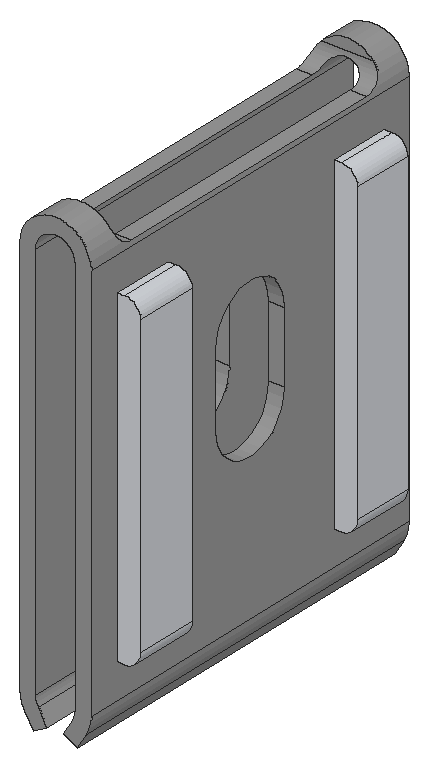
Revit family "wandvefestiger", category Generic Models, Revit 2017
Family settings
  Can host rebar = No
  Round Connector Dimension = Use Diameter
  Part Type = Normal
  Work Plane-Based = No
  Always vertical = Yes
  Cut with Voids When Loaded = No
  Shared = No
  Room Calculation Point = No
Parameters (values of type "K12 1818 A2")
  Width = 50 mm
  URL = "http://www.obo-bettermann.com"
  Material = Stainless steel, A2
  Manufacturer Art.No. = "6016421"
  Manufacturer = "OBO BETTERMANN"
  Length = 0 mm
  GTIN = "4012196013036"
  Article Type = "K12 1818 A2"
Types (4, lengths in mm): name | Material | Manufacturer Art.No. | GTIN | Article Type
  (no name) | Stainless steel, A2 | "6016421" | "4012196013036" | "K12 1818 A2"
  K 12 1818 FS | Strip-galvanised | "6437109" | "4012196208876" | "K 12 1818 FS"
  K12 1818 A2 | Stainless steel, A2 | "6016421" | "4012196013036" | "K12 1818 A2"
  K 12 1818 FSKLGR | Steel | "6479379" | "4012196333370" | "K 12 1818 FSKLGR"
Reference planes
  plane 1 "Center (Front/Back)": y = 0
  plane 2: z = 0
  plane 3 "Center (Left/Right)": x = 0
  plane 4: z = 59
  plane 5: z = 54.5
  plane 6: z = 3.5
  plane 7: x = -4.514
  plane 8: x = 4.486
  plane 9: y = 27.739
  plane 10: y = 48.739
  plane 11: y = 6.739
  plane 12: z = 54.099
  plane 13: z = 59.099
  plane 14: z = 32.49
  plane 15: z = 50.313
  plane 16: z = 8.677
  plane 17: z = 48.313
  plane 18: z = 10.677
  plane 19: y = 10.739
  plane 20: y = 44.739
  plane 21: x = 4.486
  plane 22: x = -4.514
  plane 23: z = 10.678
  plane 24: z = 55.099
Forms (mm)
  Extrusion 1, solid, material "Stainless steel, A2" <- "Material"
    sketch origin (0, 0, 0) x (1, 0, 0) y (0, 0, 1)
      loop
        line (-2.514, 4.17) -> (-2.514, 54.5)
        arc (-2.514, 54.5) -> (-0.014, 57) -> (2.486, 54.5) r 2.5
        line (2.486, 54.5) -> (2.486, 4.17)
        arc (2.486, 4.17) -> (2.401, 3.523) -> (2.151, 2.92) r 2.5
        line (2.151, 2.92) -> (1.043, 1) -> (2.775, 0) -> (3.883, 1.92)
        arc (3.883, 1.92) -> (4.333, 3.005) -> (4.486, 4.17) r 4.5
        line (4.486, 4.17) -> (4.486, 54.5)
        arc (4.486, 54.5) -> (-0.014, 59) -> (-4.514, 54.5) r 4.5
        line (-4.514, 54.5) -> (-4.514, 4.17)
        arc (-4.514, 4.17) -> (-4.361, 3.005) -> (-3.911, 1.92) r 4.5
        line (-3.911, 1.92) -> (-2.803, 0) -> (-1.071, 1) -> (-2.179, 2.92)
        arc (-2.179, 2.92) -> (-2.429, 3.523) -> (-2.514, 4.17) r 2.5
    from -2.739 to -52.739
  Extrusion 2, void
    sketch origin (0, 0, 0) x (0, 1, 0) y (0, 0, 1)
      loop
        arc (22.239, 27.99) -> (27.739, 22.49) -> (33.239, 27.99) r 5.5
        line (33.239, 27.99) -> (33.239, 36.99)
        arc (33.239, 36.99) -> (27.739, 42.49) -> (22.239, 36.99) r 5.5
        line (22.239, 36.99) -> (22.239, 27.99)
    from 0 to 4.486
  Extrusion 3, void
    sketch origin (0, 0, 0) x (0, 1, 0) y (0, 0, 1)
      loop
        line (33.239, 27.99) -> (33.239, 36.99)
        arc (33.239, 36.99) -> (27.739, 42.49) -> (22.239, 36.99) r 5.5
        line (22.239, 36.99) -> (22.239, 27.99)
        arc (22.239, 27.99) -> (27.739, 22.49) -> (33.239, 27.99) r 5.5
    from -4.514 to -2.514
  Extrusion 4, solid
    sketch origin (0, 0, 0) x (1, 0, 0) y (0, 0, 1)
      loop
        line (4.486, 50.313) -> (4.486, 8.677) -> (5.535, 8.677)
        arc (5.535, 8.677) -> (6.949, 9.263) -> (7.535, 10.677) r 2
        line (7.535, 10.677) -> (7.535, 48.313)
        arc (7.535, 48.313) -> (6.949, 49.728) -> (5.535, 50.313) r 2
        line (5.535, 50.313) -> (4.486, 50.313)
    from -14.736 to -6.742
  Extrusion 5, solid
    sketch origin (0, 0, 0) x (1, 0, 0) y (0, 0, 1)
      loop
        line (-4.514, 50.313) -> (-5.555, 50.313)
        arc (-5.555, 50.313) -> (-6.937, 49.741) -> (-7.51, 48.358) r 1.955
        line (-7.51, 48.358) -> (-7.51, 10.709)
        arc (-7.51, 10.709) -> (-6.915, 9.272) -> (-5.478, 8.677) r 2.032
        line (-5.478, 8.677) -> (-4.514, 8.677) -> (-4.514, 50.313)
    from -14.736 to -6.739
  Extrusion 6, solid
    sketch origin (0, 0, 0) x (1, 0, 0) y (0, 0, 1)
      loop
        line (-4.514, 50.313) -> (-5.551, 50.313)
        arc (-5.551, 50.313) -> (-6.936, 49.74) -> (-7.51, 48.354) r 1.959
        line (-7.51, 48.354) -> (-7.51, 10.647)
        arc (-7.51, 10.647) -> (-6.933, 9.254) -> (-5.541, 8.677) r 1.97
        line (-5.541, 8.677) -> (-4.514, 8.677) -> (-4.514, 50.313)
    from -48.739 to -40.922
  Extrusion 7, solid
    sketch origin (0, 0, 0) x (1, 0, 0) y (0, 0, 1)
      loop
        line (4.486, 50.313) -> (4.486, 8.677) -> (5.557, 8.677)
        arc (5.557, 8.677) -> (6.956, 9.256) -> (7.535, 10.655) r 1.978
        line (7.535, 10.655) -> (7.535, 48.284)
        arc (7.535, 48.284) -> (6.941, 49.719) -> (5.506, 50.313) r 2.029
        line (5.506, 50.313) -> (4.486, 50.313)
    from -48.739 to -40.922
  Extrusion 8, void
    sketch origin (0, 0, 0) x (0, 1, 0) y (0, 0, 1)
      loop
        line (48.739, 60.473) -> (6.739, 60.473) -> (6.739, 57.599)
        arc (6.739, 57.599) -> (7.471, 55.831) -> (9.239, 55.099) r 2.5
        line (9.239, 55.099) -> (46.239, 55.099)
        arc (46.239, 55.099) -> (48.007, 55.831) -> (48.739, 57.599) r 2.5
        line (48.739, 57.599) -> (48.739, 60.473)
    from -7.51 to 7.535
Cuts and joins
  Extrusion 2, Extrusion 3, Extrusion 8 cuts Extrusion 1
Dimensions and locks
  locked: Extrusion 1 sketch curve to Extrusion 1 sketch curve at 5
  locked: plane 4 to level at 59
  locked: plane 4 to plane 5 at 4.5
  locked: plane 5 to plane 6 at 51
  locked: Extrusion 1 sketch curve to Extrusion 1 sketch curve at 9
  locked: Extrusion 1 sketch curve to plane 5 at 4.5
  locked: Extrusion 1 sketch curve to Extrusion 1 sketch curve at 2
  Extrusion 1 sketch curve to Extrusion 1 sketch curve = 2 mm
  locked: Extrusion 1 sketch curve to plane 5 at 2.5
  locked: plane 6 to Extrusion 1 sketch curve at 3.5  (x2)
  locked: Extrusion 1 sketch curve to level at 1  (x2)
  locked: Extrusion 1 sketch curve to Extrusion 1 sketch curve at 2.113
  "Width": Extrusion 1 to Extrusion 1
  locked: Extrusion 1 to plane 9 at 25
  locked: plane 9 to plane 10 at 21
  locked: plane 11 to plane 9 at 21
  locked: plane 13 to plane 12 at 5
  locked: Extrusion 2 sketch curve to Extrusion 2 sketch curve at 11
  locked: Extrusion 2 sketch curve to plane 9 at 5.5
  locked: Extrusion 2 sketch curve to plane 14 at 10
  locked: Extrusion 3 sketch curve to Extrusion 3 sketch curve at 11
  locked: plane 9 to Extrusion 3 sketch curve at 5.5
  locked: Extrusion 3 sketch curve to plane 14 at 10
  locked: plane 14 to Extrusion 3 sketch curve at 10
  locked: plane 16 to level at 8.677
  locked: plane 15 to plane 17 at 2
  locked: plane 18 to plane 16 at 2
  locked: cut or joined group of Extrusion 1, Extrusion 2, Extrusion 3, Extrusion 8 to Extrusion 4 sketch curve at 3.049
  locked: Extrusion 4 sketch curve to Extrusion 4 sketch curve at 41.636
  locked: Extrusion 4 sketch curve to Extrusion 4 sketch curve at 3.647
  locked: Extrusion 4 sketch curve to Extrusion 4 sketch curve at 2.828
  Extrusion 4 to Extrusion 4 = 7.995 mm
  locked: plane 19 to Extrusion 4 at 3.997
  locked: plane 19 to plane 9 at 17
  locked: plane 9 to plane 20 at 17
  locked: Extrusion 5 sketch curve to cut or joined group of Extrusion 1, Extrusion 2, Extrusion 3, Extrusion 8 at 2.996
  locked: Extrusion 5 sketch curve to Extrusion 5 sketch curve at 41.636
  locked: cut or joined group of Extrusion 1, Extrusion 2, Extrusion 3, Extrusion 8 to plane 3 "Center (Left/Right)" at 4.514  (x2)
  locked: Extrusion 5 to cut or joined group of Extrusion 1, Extrusion 2, Extrusion 3, Extrusion 8 at 2.996
  locked: Extrusion 5 to Extrusion 5 at 41.636
  locked: Extrusion 6 to plane 20 at 3.817
  locked: Extrusion 6 to Extrusion 6 at 7.817
  locked: Extrusion 4 to cut or joined group of Extrusion 1, Extrusion 2, Extrusion 3, Extrusion 8 at 3.049
  locked: Extrusion 4 to Extrusion 4 at 41.636
  locked: Extrusion 4 to plane 3 "Center (Left/Right)" at 7.535
  Extrusion 7 to Extrusion 7 = 7.817 mm
  Extrusion 7 to plane 20 = 3.817 mm
  locked: Extrusion 7 to Extrusion 7 at 7.817
  locked: plane 13 to plane 24 at 4
  locked: Extrusion 8 sketch curve to plane 13 at 1.374
  radius of Extrusion 1 sketch curve = 2.5 mm
  aligned and locked: level to plane 2
  aligned and locked: Extrusion 1 to Extrusion 2
  aligned and locked: Extrusion 1 to Extrusion 3
  aligned and locked: Extrusion 5 to plane 16
  aligned and locked: Extrusion 5 to Extrusion 4
  aligned and locked: Extrusion 5 to Extrusion 6 sketch curve
  aligned and locked: Extrusion 6 to plane 16
  aligned and locked: plane 15 to Extrusion 6
  aligned and locked: Extrusion 7 sketch curve to Extrusion 4
  aligned and locked: Extrusion 4 to plane 16
  aligned and locked: plane 15 to Extrusion 4
  aligned and locked: Extrusion 7 to plane 10
  aligned and locked: Extrusion 7 to Extrusion 6
  aligned and locked: plane 15 to Extrusion 7
  aligned and locked: Extrusion 7 to plane 16
  aligned and locked: Extrusion 8 to plane 24
  aligned and locked: plane 10 to Extrusion 8 sketch curve
  aligned and locked: Extrusion 8 sketch curve to plane 11
  aligned and locked: Extrusion 4 to Extrusion 8
  aligned and locked: Extrusion 8 to Extrusion 5
Automatic sketch dimensions
  Extrusion 1 sketch curve to Extrusion 1 sketch curve = 0 mm  (x6)
  Extrusion 1 sketch curve to plane 6 = 0.58 mm
  Extrusion 1 sketch curve to plane 8 = 0 mm
  Extrusion 4 sketch curve to plane 15 = 0 mm
  Extrusion 5 sketch curve to plane 16 = 0 mm
  plane 22 to Extrusion 5 sketch curve = 0 mm
  plane 23 to Extrusion 5 sketch curve = 0.031 mm
  Extrusion 5 sketch curve to plane 22 = 1.041 mm
  Extrusion 6 sketch curve to plane 15 = 0 mm
  Extrusion 6 sketch curve to plane 16 = 0 mm
  plane 22 to Extrusion 6 sketch curve = 0 mm
  Extrusion 6 sketch curve to plane 23 = 0.031 mm
  Extrusion 6 sketch curve to Extrusion 6 sketch curve = 1.037 mm
  plane 15 to Extrusion 7 sketch curve = 0 mm
  plane 21 to Extrusion 7 sketch curve = 0 mm
  Extrusion 7 sketch curve to plane 16 = 0 mm
  plane 21 to Extrusion 7 sketch curve = 1.02 mm
  Extrusion 7 sketch curve to plane 23 = 0.023 mm
  Extrusion 2 sketch curve to plane 14 = 4.5 mm
  Extrusion 8 sketch curve to plane 24 = 0 mm
  Extrusion 8 sketch curve to plane 13 = 1.5 mm
  plane 20 to Extrusion 8 sketch curve = 1.5 mm
